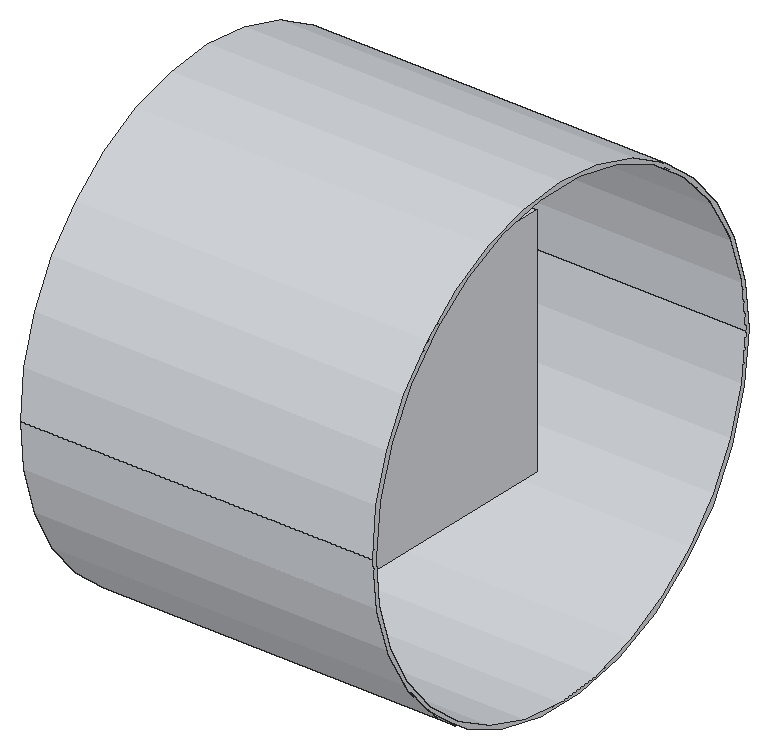
Revit family "RDS", category Duct Accessories, Revit 2022
Family settings
  Round Connector Dimension = Use Diameter
  Part Type = Attaches To
  Work Plane-Based = Yes
  Always vertical = Yes
  Cut with Voids When Loaded = No
  Shared = No
Parameters
  TS_Point_Description [instance] = "RDS"
  Length [instance] = 0' - 1 1/2"
  Inner Diameter [instance] = Diameter - 0' 0 1/32"  # 0' - 1 31/32"
  GTP_PointRole_0 [instance] = ""
  GTP_PointNumber_0 [instance] = ""
  GTP_PointElement_0 [instance] = ""
  GTP_LinkedParam_0 [instance] = "GTP_PointNumber_0"
  Diameter [instance] = 0' - 2"
  Default Elevation = 4' - 0"
Reference planes (in)
  plane 1 "Center (Front/Back)": y = 0
  plane 2: z = 0
  plane 3 "Center (Left/Right)": x = 0
  plane 4: x = 1.5
Forms (in)
  Extrusion 1, solid
    sketch origin (0, 0, 3) x (0, 1, 0) y (0, 0, 1)
      loop
        circle (0, -3) r 1
      loop
        circle (0, -3) r 0.98438
    from 1.5 to 0
Dimensions and locks (in)
  "Length": plane 3 "Center (Left/Right)" to plane 4
  "Diameter": diameter of Extrusion 1 sketch curve
  "Inner Diameter": diameter of Extrusion 1 sketch curve
  aligned and locked: plane 2 to level
  aligned and locked: Extrusion 1 to plane 4
  aligned and locked: plane 3 "Center (Left/Right)" to Extrusion 1
  aligned and locked: nested 1 to plane 3 "Center (Left/Right)"
Automatic sketch dimensions
  Extrusion 1 sketch curve to Extrusion 1 sketch curve = 0' - 0"  (x2)
  Extrusion 1 sketch curve to level = 0' - 0"
  Extrusion 1 sketch curve to plane 1 "Center (Front/Back)" = 0' - 0"
Nested families (in)
  nested 1: "GTP" at (0.5, 0, 0), PointNumber <- "GTP_PointNumber_0", PointRole <- "GTP_PointRole_0", PointElement <- "GTP_PointElement_0", LinkedParam <- "GTP_LinkedParam_0", PointDescription <- "TS_Point_Description", type "Generic Pt"
    with PointRole "", PointNumber "", PointElement "", PointDescription "RDS", LinkedParam "GTP_PointNumber_0"
Definition of nested family "GTP"
  Parameters (values of type "Generic Pt")
    URL = ""
    PointRole [instance] = "Stake Out"
    PointNumber [instance] = ""
    PointElement [instance] = ""
    PointDescription [instance] = "Generic Pt"
    Manufacturer = "Autodesk Inc."
    LinkedParam [instance] = ""
    Default Elevation = 0' - 0"
  Reference planes (in)
    plane 1 "Center (Front/Back)": y = 0
    plane 2: z = 0
    plane 3 "Center (Left/Right)": x = 0
  Forms (in)
    Extrusion 1, solid, detail levels medium+fine
      sketch origin (0, 0, 0) x (1, 0, 0) y (0, 1, 0)
        loop
          line (0.5, -0.5) -> (0.5, 0.5) -> (-0.5, 0.5) -> (-0.5, -0.5) -> (0.5, -0.5)
      from -0.5 to 0.5
  Lines and regions (in)
    model lines, detail levels coarse+medium
      curve 1: line (0, 0.5, 0) -> (0, 0, 0)
      curve 2: line (-0.5, 0, 0) -> (0, 0, 0)
      curve 3: line (0, 0, -0.5) -> (0, 0, 0)
      curve 4: line (0, 0, 0) -> (0.5, 0, 0)
      curve 5: line (0, 0, 0) -> (0, -0.5, 0)
      curve 6: line (0, 0, 0) -> (0, 0, 0.5)
